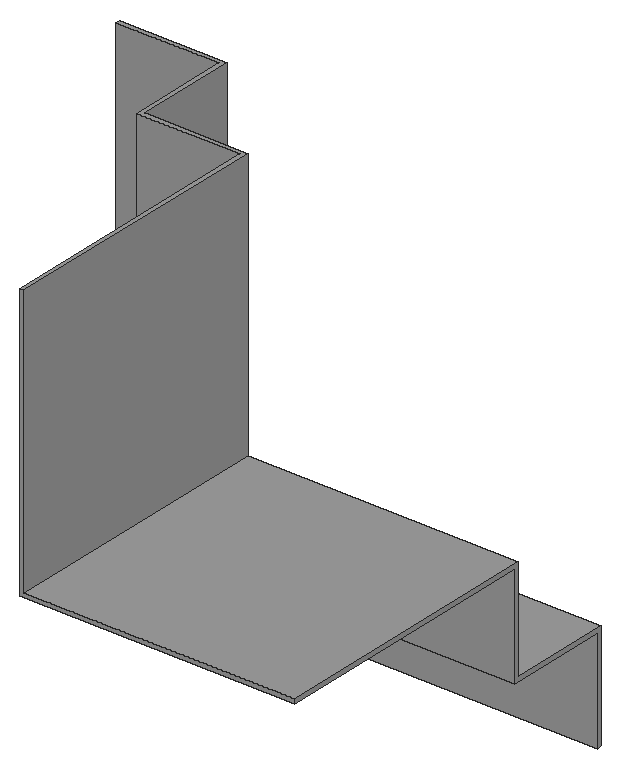
Revit family "Flashing_Preformed_Hyload_Type-W4", category Generic Models, Revit 2013
Parameters (values of type "As Specified")
  Unit Width = 0' - 7 1/8"
  Unit Height = 0' - 1 1/2"
  Unit Depth = 0' - 6"
  URL = "http://www.hyload.com/"
  Thickness = 0' - 0 1/16"
  Specification = "http://www.arcat.com/sdspecs/htm04/07_65_00hyl.htm"
  Sales Information = "http://www.hyload.com/contact-us"
  Revision = "R1_12-2015"
  Product Properties = "http://www.hyload.com/masonry-flashing/preformed-shapes/"
  Product Data = "http://www.arcat.com/arcatcos/cos33/arc33176.html"
  Model = "Type W4"
  Manufacturer Website = "http://www.hyload.com/"
  Manufacturer Phone - Toll Free = "800-457-4056"
  Manufacturer Phone = "330-769-3546"
  Manufacturer Fax = "330-769-4153"
  Manufacturer Address = "5020 Panther Pkwy., Seville, OH 44273"
  Manufacturer = "Hyload"
  Keynote = "07 65 00"
  Flashing Material = Hyload Flashing Membrane - Grey
  Drawn By = "Robert S. Weygant / Sumex Design"
  Description = "Preformed Hyload Masonry Flashing - Type W4"
  Copyright = "(c) ARCAT, Inc, 2015"
  Construction Details = "http://www.arcat.com/details/hyload/hyload.html?coid=33176"
  Assembly Code = "B3010400"
Reference planes (in)
  plane 1 "Center (Front/Back)": y = 0
  plane 2: z = 0
  plane 3 "Center (Left/Right)": x = 0
  plane 4: x = 5.5
  plane 5: z = 1.5
  plane 6: y = -1.5
  plane 7: z = 7
  plane 8: z = 3
  plane 9: y = -5.5
Forms (in)
  Sweep 1, solid, material "Hyload Flashing Membrane - Grey" <- "Flashing Material"
    path origin (0, 0, 0) x (1, 0, 0) y (0, 0, 1)
      loop
        line (5.5, 1.5) -> (0, 1.5) -> (0, 7)
    profile origin (2.75, 0, 1.5) x (0, 0, -1) y (0, -1, 0)
      loop
        line (0, 0) -> (0, 1.5) -> (-1.5, 1.5) -> (-1.5, 5.5) -> (-1.5625, 5.5) -> (-1.5625, 1.4375) -> (-0.0625, 1.4375) -> (-0.0625, -0.0625) -> (1.5, -0.0625) -> (1.5, 0) -> (0, 0)
Dimensions and locks (in)
  "Unit Height": plane 5 to level
  plane 1 "Center (Front/Back)" to plane 6 = 0' - 1 1/2"
  plane 7 to level = 0' - 7"
  plane 4 to plane 3 "Center (Left/Right)" = 0' - 5 1/2"
  "Thickness": Sweep 1 sketch curve to Sweep 1 sketch curve
  plane 8 to plane 5 = 0' - 1 1/2"
  "Thickness": Sweep 1 sketch curve to plane 6
  "Thickness": Sweep 1 sketch curve to plane 5
  "Thickness": Sweep 1 sketch curve to plane 1 "Center (Front/Back)"
  plane 6 to plane 9 = 0' - 4"
  aligned and locked: plane 2 to level
  aligned and locked: plane 3 "Center (Left/Right)" to Sweep 1 sketch curve
  aligned and locked: plane 5 to Sweep 1 sketch curve  (x2)
  aligned and locked: Sweep 1 sketch curve to plane 6
  aligned and locked: Sweep 1 sketch curve to level
  aligned and locked: plane 7 to Sweep 1 sketch curve
  aligned and locked: Sweep 1 sketch curve to plane 8
  aligned and locked: plane 9 to Sweep 1 sketch curve
Automatic sketch dimensions
  Sweep 1 sketch curve to plane 4 = 0' - 0"
  Sweep 1 sketch curve to plane 1 "Center (Front/Back)" = 0' - 0"
